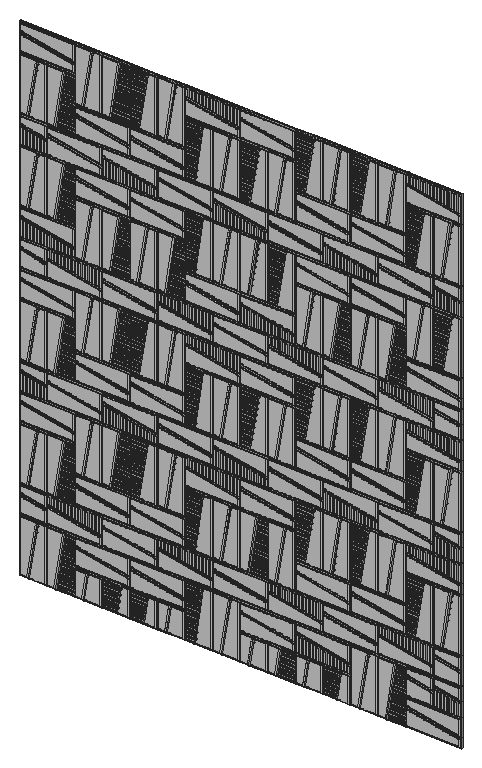
Revit family "SUR-CRV-023_RFA", category Modelos genéricos, Revit 2022 (continued)
Definition of nested family "SUR-CRV-023_B_3_RFA"
  Forms (in)
    Blend 59, solid, not visible
      base sketch origin (7.5, 0, 0) x (1, 0, 0) y (0, 0, 1)
        loop
          line (0, 0) -> (0.75, 0) -> (0.75, 2.625) -> (0, 2.75) -> (0, 0)
      top sketch origin (7.5, 0, 0) x (1, 0, 0) y (0, 0, 1)
        loop
          line (0.23622, 2.47441) -> (0.23622, 0.23622) -> (0.51378, 0.23622) -> (0.51378, 2.42815) -> (0.23622, 2.47441)
      from -0.35433 to -0.11811
    Blend 60, solid, not visible
      base sketch origin (7.5, 0, 0) x (1, 0, 0) y (0, 0, 1)
        loop
          line (0.23622, 2.47441) -> (0.23622, 0.23622) -> (0.51378, 0.23622) -> (0.51378, 2.42815) -> (0.23622, 2.47441)
      top sketch origin (7.5, 0, 0) x (1, 0, 0) y (0, 0, 1)
        loop
          line (0.35433, 2.33661) -> (0.35433, 0.35433) -> (0.39567, 0.35433) -> (0.39567, 2.32972) -> (0.35433, 2.33661)
      from -0.11811 to 0
    Blend 61, solid, not visible
      base sketch origin (8.25, 0, 0) x (1, 0, 0) y (0, 0, 1)
        loop
          line (0, 0) -> (0.75, 0) -> (0.75, 2.5) -> (0, 2.625) -> (0, 0)
      top sketch origin (8.25, 0, 0) x (1, 0, 0) y (0, 0, 1)
        loop
          line (0.23622, 2.34941) -> (0.23622, 0.23622) -> (0.51378, 0.23622) -> (0.51378, 2.30315) -> (0.23622, 2.34941)
      from -0.35433 to -0.11811
    Blend 62, solid, not visible
      base sketch origin (8.25, 0, 0) x (1, 0, 0) y (0, 0, 1)
        loop
          line (0.23622, 2.34941) -> (0.23622, 0.23622) -> (0.51378, 0.23622) -> (0.51378, 2.30315) -> (0.23622, 2.34941)
      top sketch origin (8.25, 0, 0) x (1, 0, 0) y (0, 0, 1)
        loop
          line (0.35433, 2.21161) -> (0.35433, 0.35433) -> (0.39567, 0.35433) -> (0.39567, 2.20472) -> (0.35433, 2.21161)
      from -0.11811 to 0
    Blend 63, solid, not visible
      base sketch origin (9, 0, 0) x (1, 0, 0) y (0, 0, 1)
        loop
          line (0, 0) -> (0.75, 0) -> (0.75, 2.375) -> (0, 2.5) -> (0, 0)
      top sketch origin (9, 0, 0) x (1, 0, 0) y (0, 0, 1)
        loop
          line (0.23622, 2.22441) -> (0.23622, 0.23622) -> (0.51378, 0.23622) -> (0.51378, 2.17815) -> (0.23622, 2.22441)
      from -0.35433 to -0.11811
    Blend 64, solid, not visible
      base sketch origin (9, 0, 0) x (1, 0, 0) y (0, 0, 1)
        loop
          line (0.23622, 2.22441) -> (0.23622, 0.23622) -> (0.51378, 0.23622) -> (0.51378, 2.17815) -> (0.23622, 2.22441)
      top sketch origin (9, 0, 0) x (1, 0, 0) y (0, 0, 1)
        loop
          line (0.35433, 2.08661) -> (0.35433, 0.35433) -> (0.39567, 0.35433) -> (0.39567, 2.07972) -> (0.35433, 2.08661)
      from -0.11811 to 0
    Blend 65, solid, not visible
      base sketch origin (9.75, 0, 0) x (1, 0, 0) y (0, 0, 1)
        loop
          line (0, 0) -> (0.75, 0) -> (0.75, 2.25) -> (0, 2.375) -> (0, 0)
      top sketch origin (9.75, 0, 0) x (1, 0, 0) y (0, 0, 1)
        loop
          line (0.23622, 2.09941) -> (0.23622, 0.23622) -> (0.51378, 0.23622) -> (0.51378, 2.05315) -> (0.23622, 2.09941)
      from -0.35433 to -0.11811
    Blend 66, solid, not visible
      base sketch origin (9.75, 0, 0) x (1, 0, 0) y (0, 0, 1)
        loop
          line (0.23622, 2.09941) -> (0.23622, 0.23622) -> (0.51378, 0.23622) -> (0.51378, 2.05315) -> (0.23622, 2.09941)
      top sketch origin (9.75, 0, 0) x (1, 0, 0) y (0, 0, 1)
        loop
          line (0.35433, 1.96161) -> (0.35433, 0.35433) -> (0.39567, 0.35433) -> (0.39567, 1.95472) -> (0.35433, 1.96161)
      from -0.11811 to 0
    Blend 67, solid, not visible
      base sketch origin (10.5, 0, 0) x (1, 0, 0) y (0, 0, 1)
        loop
          line (0, 0) -> (0.75, 0) -> (0.75, 2.125) -> (0, 2.25) -> (0, 0)
      top sketch origin (10.5, 0, 0) x (1, 0, 0) y (0, 0, 1)
        loop
          line (0.23622, 1.97441) -> (0.23622, 0.23622) -> (0.51378, 0.23622) -> (0.51378, 1.92815) -> (0.23622, 1.97441)
      from -0.35433 to -0.11811
    Blend 68, solid, not visible
      base sketch origin (10.5, 0, 0) x (1, 0, 0) y (0, 0, 1)
        loop
          line (0.23622, 1.97441) -> (0.23622, 0.23622) -> (0.51378, 0.23622) -> (0.51378, 1.92815) -> (0.23622, 1.97441)
      top sketch origin (10.5, 0, 0) x (1, 0, 0) y (0, 0, 1)
        loop
          line (0.35433, 1.83661) -> (0.35433, 0.35433) -> (0.39567, 0.35433) -> (0.39567, 1.82972) -> (0.35433, 1.83661)
      from -0.11811 to 0
    Blend 69, solid, not visible
      base sketch origin (11.25, 0, 0) x (1, 0, 0) y (0, 0, 1)
        loop
          line (0, 0) -> (0.75, 0) -> (0.75, 2) -> (0, 2.125) -> (0, 0)
      top sketch origin (11.25, 0, 0) x (1, 0, 0) y (0, 0, 1)
        loop
          line (0.23622, 1.84941) -> (0.23622, 0.23622) -> (0.51378, 0.23622) -> (0.51378, 1.80315) -> (0.23622, 1.84941)
      from -0.35433 to -0.11811
    Blend 70, solid, not visible
      base sketch origin (11.25, 0, 0) x (1, 0, 0) y (0, 0, 1)
        loop
          line (0.23622, 1.84941) -> (0.23622, 0.23622) -> (0.51378, 0.23622) -> (0.51378, 1.80315) -> (0.23622, 1.84941)
      top sketch origin (11.25, 0, 0) x (1, 0, 0) y (0, 0, 1)
        loop
          line (0.35433, 1.71161) -> (0.35433, 0.35433) -> (0.39567, 0.35433) -> (0.39567, 1.70472) -> (0.35433, 1.71161)
      from -0.11811 to 0
  Dimensions and locks (in)
    aligned and locked: level to plane 2
Definition of nested family "SUR-CRV-023_B_4_RFA"
  Parameters (values of type "SUR-CRV-023_B_4_RFA")
    Default Elevation = 0.00"
  Reference planes (in)
    plane 1 "Centro (Frontal/Posterior)": y = 0
    plane 2: z = 0
    plane 3 "Centro (Izquierda/Derecha)": x = 0
  Forms (in)
    Extrusion 1, solid
      sketch origin (0, 0, 12) x (0, 0, -1) y (1, 0, 0)
        loop
          line (0, 6) -> (0, 0) -> (12, 0) -> (12, 6) -> (0, 6)
      from -0.59055 to -0.35433
    Blend 2, solid
      base sketch origin (0, 0, 12) x (0, 0, -1) y (1, 0, 0)
        loop
          line (0, 0) -> (0.75, 0) -> (0.75, 3.875) -> (0, 4) -> (0, 0)
      top sketch origin (0, 0, 12) x (0, 0, -1) y (1, 0, 0)
        loop
          line (0.23622, 3.72441) -> (0.23622, 0.23622) -> (0.51378, 0.23622) -> (0.51378, 3.67815) -> (0.23622, 3.72441)
      from -0.35433 to -0.11811
    Blend 3, solid
      base sketch origin (0, 0, 12) x (0, 0, -1) y (1, 0, 0)
        loop
          line (0.23622, 3.72441) -> (0.23622, 0.23622) -> (0.51378, 0.23622) -> (0.51378, 3.67815) -> (0.23622, 3.72441)
      top sketch origin (0, 0, 12) x (0, 0, -1) y (1, 0, 0)
        loop
          line (0.35433, 3.58661) -> (0.35433, 0.35433) -> (0.39567, 0.35433) -> (0.39567, 3.57972) -> (0.35433, 3.58661)
      from -0.11811 to 0
    Blend 4, solid
      base sketch origin (0, 0, 12) x (0, 0, -1) y (1, 0, 0)
        loop
          line (0, 4) -> (12, 2) -> (12, 6) -> (0, 6) -> (0, 4)
      top sketch origin (0, 0, 12) x (0, 0, -1) y (1, 0, 0)
        loop
          line (11.76378, 5.76378) -> (0.23622, 5.76378) -> (0.23622, 4.19685) -> (11.76378, 2.27559) -> (11.76378, 5.76378)
      from -0.35433 to -0.11811
    Blend 5, solid
      base sketch origin (0, 0, 12) x (0, 0, -1) y (1, 0, 0)
        loop
          line (11.76378, 5.76378) -> (0.23622, 5.76378) -> (0.23622, 4.19685) -> (11.76378, 2.27559) -> (11.76378, 5.76378)
      top sketch origin (0, 0, 12) x (0, 0, -1) y (1, 0, 0)
        loop
          line (11.64567, 2.41339) -> (11.64567, 5.64567) -> (0.35433, 5.64567) -> (0.35433, 4.29528) -> (11.64567, 2.41339)
      from -0.11811 to 0
    Blend 6, solid
      base sketch origin (0, 0, 11.25) x (0, 0, -1) y (1, 0, 0)
        loop
          line (0, 0) -> (0.75, 0) -> (0.75, 3.75) -> (0, 3.875) -> (0, 0)
      top sketch origin (0, 0, 11.25) x (0, 0, -1) y (1, 0, 0)
        loop
          line (0.23622, 3.59941) -> (0.23622, 0.23622) -> (0.51378, 0.23622) -> (0.51378, 3.55315) -> (0.23622, 3.59941)
      from -0.35433 to -0.11811
    Blend 7, solid
      base sketch origin (0, 0, 11.25) x (0, 0, -1) y (1, 0, 0)
        loop
          line (0.23622, 3.59941) -> (0.23622, 0.23622) -> (0.51378, 0.23622) -> (0.51378, 3.55315) -> (0.23622, 3.59941)
      top sketch origin (0, 0, 11.25) x (0, 0, -1) y (1, 0, 0)
        loop
          line (0.35433, 3.46161) -> (0.35433, 0.35433) -> (0.39567, 0.35433) -> (0.39567, 3.45472) -> (0.35433, 3.46161)
      from -0.11811 to 0
    Blend 8, solid
      base sketch origin (0, 0, 10.5) x (0, 0, -1) y (1, 0, 0)
        loop
          line (0, 0) -> (0.75, 0) -> (0.75, 3.625) -> (0, 3.75) -> (0, 0)
      top sketch origin (0, 0, 10.5) x (0, 0, -1) y (1, 0, 0)
        loop
          line (0.23622, 3.47441) -> (0.23622, 0.23622) -> (0.51378, 0.23622) -> (0.51378, 3.42815) -> (0.23622, 3.47441)
      from -0.35433 to -0.11811
    Blend 9, solid
      base sketch origin (0, 0, 10.5) x (0, 0, -1) y (1, 0, 0)
        loop
          line (0.23622, 3.47441) -> (0.23622, 0.23622) -> (0.51378, 0.23622) -> (0.51378, 3.42815) -> (0.23622, 3.47441)
      top sketch origin (0, 0, 10.5) x (0, 0, -1) y (1, 0, 0)
        loop
          line (0.35433, 3.33661) -> (0.35433, 0.35433) -> (0.39567, 0.35433) -> (0.39567, 3.32972) -> (0.35433, 3.33661)
      from -0.11811 to 0
    Blend 10, solid
      base sketch origin (0, 0, 9.75) x (0, 0, -1) y (1, 0, 0)
        loop
          line (0, 0) -> (0.75, 0) -> (0.75, 3.5) -> (0, 3.625) -> (0, 0)
      top sketch origin (0, 0, 9.75) x (0, 0, -1) y (1, 0, 0)
        loop
          line (0.23622, 3.34941) -> (0.23622, 0.23622) -> (0.51378, 0.23622) -> (0.51378, 3.30315) -> (0.23622, 3.34941)
      from -0.35433 to -0.11811
    Blend 11, solid
      base sketch origin (0, 0, 9.75) x (0, 0, -1) y (1, 0, 0)
        loop
          line (0.23622, 3.34941) -> (0.23622, 0.23622) -> (0.51378, 0.23622) -> (0.51378, 3.30315) -> (0.23622, 3.34941)
      top sketch origin (0, 0, 9.75) x (0, 0, -1) y (1, 0, 0)
        loop
          line (0.35433, 3.21161) -> (0.35433, 0.35433) -> (0.39567, 0.35433) -> (0.39567, 3.20472) -> (0.35433, 3.21161)
      from -0.11811 to 0
    Blend 12, solid
      base sketch origin (0, 0, 9) x (0, 0, -1) y (1, 0, 0)
        loop
          line (0, 0) -> (0.75, 0) -> (0.75, 3.375) -> (0, 3.5) -> (0, 0)
      top sketch origin (0, 0, 9) x (0, 0, -1) y (1, 0, 0)
        loop
          line (0.23622, 3.22441) -> (0.23622, 0.23622) -> (0.51378, 0.23622) -> (0.51378, 3.17815) -> (0.23622, 3.22441)
      from -0.35433 to -0.11811
    Blend 13, solid
      base sketch origin (0, 0, 9) x (0, 0, -1) y (1, 0, 0)
        loop
          line (0.23622, 3.22441) -> (0.23622, 0.23622) -> (0.51378, 0.23622) -> (0.51378, 3.17815) -> (0.23622, 3.22441)
      top sketch origin (0, 0, 9) x (0, 0, -1) y (1, 0, 0)
        loop
          line (0.35433, 3.08661) -> (0.35433, 0.35433) -> (0.39567, 0.35433) -> (0.39567, 3.07972) -> (0.35433, 3.08661)
      from -0.11811 to 0
    Blend 14, solid
      base sketch origin (0, 0, 8.25) x (0, 0, -1) y (1, 0, 0)
        loop
          line (0, 0) -> (0.75, 0) -> (0.75, 3.25) -> (0, 3.375) -> (0, 0)
      top sketch origin (0, 0, 8.25) x (0, 0, -1) y (1, 0, 0)
        loop
          line (0.23622, 3.09941) -> (0.23622, 0.23622) -> (0.51378, 0.23622) -> (0.51378, 3.05315) -> (0.23622, 3.09941)
      from -0.35433 to -0.11811
    Blend 15, solid
      base sketch origin (0, 0, 8.25) x (0, 0, -1) y (1, 0, 0)
        loop
          line (0.23622, 3.09941) -> (0.23622, 0.23622) -> (0.51378, 0.23622) -> (0.51378, 3.05315) -> (0.23622, 3.09941)
      top sketch origin (0, 0, 8.25) x (0, 0, -1) y (1, 0, 0)
        loop
          line (0.35433, 2.96161) -> (0.35433, 0.35433) -> (0.39567, 0.35433) -> (0.39567, 2.95472) -> (0.35433, 2.96161)
      from -0.11811 to 0
    Blend 16, solid
      base sketch origin (0, 0, 7.5) x (0, 0, -1) y (1, 0, 0)
        loop
          line (0, 0) -> (0.75, 0) -> (0.75, 3.125) -> (0, 3.25) -> (0, 0)
      top sketch origin (0, 0, 7.5) x (0, 0, -1) y (1, 0, 0)
        loop
          line (0.23622, 2.97441) -> (0.23622, 0.23622) -> (0.51378, 0.23622) -> (0.51378, 2.92815) -> (0.23622, 2.97441)
      from -0.35433 to -0.11811
    Blend 17, solid
      base sketch origin (0, 0, 7.5) x (0, 0, -1) y (1, 0, 0)
        loop
          line (0.23622, 2.97441) -> (0.23622, 0.23622) -> (0.51378, 0.23622) -> (0.51378, 2.92815) -> (0.23622, 2.97441)
      top sketch origin (0, 0, 7.5) x (0, 0, -1) y (1, 0, 0)
        loop
          line (0.35433, 2.83661) -> (0.35433, 0.35433) -> (0.39567, 0.35433) -> (0.39567, 2.82972) -> (0.35433, 2.83661)
      from -0.11811 to 0
    Blend 18, solid
      base sketch origin (0, 0, 6.75) x (0, 0, -1) y (1, 0, 0)
        loop
          line (0, 0) -> (0.75, 0) -> (0.75, 3) -> (0, 3.125) -> (0, 0)
      top sketch origin (0, 0, 6.75) x (0, 0, -1) y (1, 0, 0)
        loop
          line (0.23622, 2.84941) -> (0.23622, 0.23622) -> (0.51378, 0.23622) -> (0.51378, 2.80315) -> (0.23622, 2.84941)
      from -0.35433 to -0.11811
    Blend 19, solid
      base sketch origin (0, 0, 6.75) x (0, 0, -1) y (1, 0, 0)
        loop
          line (0.23622, 2.84941) -> (0.23622, 0.23622) -> (0.51378, 0.23622) -> (0.51378, 2.80315) -> (0.23622, 2.84941)
      top sketch origin (0, 0, 6.75) x (0, 0, -1) y (1, 0, 0)
        loop
          line (0.35433, 2.71161) -> (0.35433, 0.35433) -> (0.39567, 0.35433) -> (0.39567, 2.70472) -> (0.35433, 2.71161)
      from -0.11811 to 0
    Blend 20, solid
      base sketch origin (0, 0, 6) x (0, 0, -1) y (1, 0, 0)
        loop
          line (0, 0) -> (0.75, 0) -> (0.75, 2.875) -> (0, 3) -> (0, 0)
      top sketch origin (0, 0, 6) x (0, 0, -1) y (1, 0, 0)
        loop
          line (0.23622, 2.72441) -> (0.23622, 0.23622) -> (0.51378, 0.23622) -> (0.51378, 2.67815) -> (0.23622, 2.72441)
      from -0.35433 to -0.11811
    Blend 21, solid
      base sketch origin (0, 0, 6) x (0, 0, -1) y (1, 0, 0)
        loop
          line (0.23622, 2.72441) -> (0.23622, 0.23622) -> (0.51378, 0.23622) -> (0.51378, 2.67815) -> (0.23622, 2.72441)
      top sketch origin (0, 0, 6) x (0, 0, -1) y (1, 0, 0)
        loop
          line (0.35433, 2.58661) -> (0.35433, 0.35433) -> (0.39567, 0.35433) -> (0.39567, 2.57972) -> (0.35433, 2.58661)
      from -0.11811 to 0
    Blend 22, solid
      base sketch origin (0, 0, 5.25) x (0, 0, -1) y (1, 0, 0)
        loop
          line (0, 0) -> (0.75, 0) -> (0.75, 2.75) -> (0, 2.875) -> (0, 0)
      top sketch origin (0, 0, 5.25) x (0, 0, -1) y (1, 0, 0)
        loop
          line (0.23622, 2.59941) -> (0.23622, 0.23622) -> (0.51378, 0.23622) -> (0.51378, 2.55315) -> (0.23622, 2.59941)
      from -0.35433 to -0.11811
    Blend 23, solid
      base sketch origin (0, 0, 5.25) x (0, 0, -1) y (1, 0, 0)
        loop
          line (0.23622, 2.59941) -> (0.23622, 0.23622) -> (0.51378, 0.23622) -> (0.51378, 2.55315) -> (0.23622, 2.59941)
      top sketch origin (0, 0, 5.25) x (0, 0, -1) y (1, 0, 0)
        loop
          line (0.35433, 2.46161) -> (0.35433, 0.35433) -> (0.39567, 0.35433) -> (0.39567, 2.45472) -> (0.35433, 2.46161)
      from -0.11811 to 0
    Blend 24, solid
      base sketch origin (0, 0, 4.5) x (0, 0, -1) y (1, 0, 0)
        loop
          line (0, 0) -> (0.75, 0) -> (0.75, 2.625) -> (0, 2.75) -> (0, 0)
      top sketch origin (0, 0, 4.5) x (0, 0, -1) y (1, 0, 0)
        loop
          line (0.23622, 2.47441) -> (0.23622, 0.23622) -> (0.51378, 0.23622) -> (0.51378, 2.42815) -> (0.23622, 2.47441)
      from -0.35433 to -0.11811
    Blend 25, solid
      base sketch origin (0, 0, 4.5) x (0, 0, -1) y (1, 0, 0)
        loop
          line (0.23622, 2.47441) -> (0.23622, 0.23622) -> (0.51378, 0.23622) -> (0.51378, 2.42815) -> (0.23622, 2.47441)
      top sketch origin (0, 0, 4.5) x (0, 0, -1) y (1, 0, 0)
        loop
          line (0.35433, 2.33661) -> (0.35433, 0.35433) -> (0.39567, 0.35433) -> (0.39567, 2.32972) -> (0.35433, 2.33661)
      from -0.11811 to 0
    Blend 26, solid
      base sketch origin (0, 0, 3.75) x (0, 0, -1) y (1, 0, 0)
        loop
          line (0, 0) -> (0.75, 0) -> (0.75, 2.5) -> (0, 2.625) -> (0, 0)
      top sketch origin (0, 0, 3.75) x (0, 0, -1) y (1, 0, 0)
        loop
          line (0.23622, 2.34941) -> (0.23622, 0.23622) -> (0.51378, 0.23622) -> (0.51378, 2.30315) -> (0.23622, 2.34941)
      from -0.35433 to -0.11811
    Blend 27, solid
      base sketch origin (0, 0, 3.75) x (0, 0, -1) y (1, 0, 0)
        loop
          line (0.23622, 2.34941) -> (0.23622, 0.23622) -> (0.51378, 0.23622) -> (0.51378, 2.30315) -> (0.23622, 2.34941)
      top sketch origin (0, 0, 3.75) x (0, 0, -1) y (1, 0, 0)
        loop
          line (0.35433, 2.21161) -> (0.35433, 0.35433) -> (0.39567, 0.35433) -> (0.39567, 2.20472) -> (0.35433, 2.21161)
      from -0.11811 to 0
    Blend 28, solid
      base sketch origin (0, 0, 3) x (0, 0, -1) y (1, 0, 0)
        loop
          line (0, 0) -> (0.75, 0) -> (0.75, 2.375) -> (0, 2.5) -> (0, 0)
      top sketch origin (0, 0, 3) x (0, 0, -1) y (1, 0, 0)
        loop
          line (0.23622, 2.22441) -> (0.23622, 0.23622) -> (0.51378, 0.23622) -> (0.51378, 2.17815) -> (0.23622, 2.22441)
      from -0.35433 to -0.11811
    Blend 29, solid
      base sketch origin (0, 0, 3) x (0, 0, -1) y (1, 0, 0)
        loop
          line (0.23622, 2.22441) -> (0.23622, 0.23622) -> (0.51378, 0.23622) -> (0.51378, 2.17815) -> (0.23622, 2.22441)
      top sketch origin (0, 0, 3) x (0, 0, -1) y (1, 0, 0)
        loop
          line (0.35433, 2.08661) -> (0.35433, 0.35433) -> (0.39567, 0.35433) -> (0.39567, 2.07972) -> (0.35433, 2.08661)
      from -0.11811 to 0
    Blend 30, solid
      base sketch origin (0, 0, 2.25) x (0, 0, -1) y (1, 0, 0)
        loop
          line (0, 0) -> (0.75, 0) -> (0.75, 2.25) -> (0, 2.375) -> (0, 0)
      top sketch origin (0, 0, 2.25) x (0, 0, -1) y (1, 0, 0)
        loop
          line (0.23622, 2.09941) -> (0.23622, 0.23622) -> (0.51378, 0.23622) -> (0.51378, 2.05315) -> (0.23622, 2.09941)
      from -0.35433 to -0.11811
    Blend 31, solid
      base sketch origin (0, 0, 2.25) x (0, 0, -1) y (1, 0, 0)
        loop
          line (0.23622, 2.09941) -> (0.23622, 0.23622) -> (0.51378, 0.23622) -> (0.51378, 2.05315) -> (0.23622, 2.09941)
      top sketch origin (0, 0, 2.25) x (0, 0, -1) y (1, 0, 0)
        loop
          line (0.35433, 1.96161) -> (0.35433, 0.35433) -> (0.39567, 0.35433) -> (0.39567, 1.95472) -> (0.35433, 1.96161)
      from -0.11811 to 0
    Blend 32, solid
      base sketch origin (0, 0, 1.5) x (0, 0, -1) y (1, 0, 0)
        loop
          line (0, 0) -> (0.75, 0) -> (0.75, 2.125) -> (0, 2.25) -> (0, 0)
      top sketch origin (0, 0, 1.5) x (0, 0, -1) y (1, 0, 0)
        loop
          line (0.23622, 1.97441) -> (0.23622, 0.23622) -> (0.51378, 0.23622) -> (0.51378, 1.92815) -> (0.23622, 1.97441)
      from -0.35433 to -0.11811
    Blend 33, solid
      base sketch origin (0, 0, 1.5) x (0, 0, -1) y (1, 0, 0)
        loop
          line (0.23622, 1.97441) -> (0.23622, 0.23622) -> (0.51378, 0.23622) -> (0.51378, 1.92815) -> (0.23622, 1.97441)
      top sketch origin (0, 0, 1.5) x (0, 0, -1) y (1, 0, 0)
        loop
          line (0.35433, 1.83661) -> (0.35433, 0.35433) -> (0.39567, 0.35433) -> (0.39567, 1.82972) -> (0.35433, 1.83661)
      from -0.11811 to 0
    Blend 34, solid
      base sketch origin (0, 0, 0.75) x (0, 0, -1) y (1, 0, 0)
        loop
          line (0, 0) -> (0.75, 0) -> (0.75, 2) -> (0, 2.125) -> (0, 0)
      top sketch origin (0, 0, 0.75) x (0, 0, -1) y (1, 0, 0)
        loop
          line (0.23622, 1.84941) -> (0.23622, 0.23622) -> (0.51378, 0.23622) -> (0.51378, 1.80315) -> (0.23622, 1.84941)
      from -0.35433 to -0.11811
    Blend 35, solid
      base sketch origin (0, 0, 0.75) x (0, 0, -1) y (1, 0, 0)
        loop
          line (0.23622, 1.84941) -> (0.23622, 0.23622) -> (0.51378, 0.23622) -> (0.51378, 1.80315) -> (0.23622, 1.84941)
      top sketch origin (0, 0, 0.75) x (0, 0, -1) y (1, 0, 0)
        loop
          line (0.35433, 1.71161) -> (0.35433, 0.35433) -> (0.39567, 0.35433) -> (0.39567, 1.70472) -> (0.35433, 1.71161)
      from -0.11811 to 0
    Extrusion 36, solid, not visible
      sketch origin (0, 0, 0) x (1, 0, 0) y (0, 0, 1)
        loop
          line (0, 6) -> (0, 0) -> (12, 0) -> (12, 6) -> (0, 6)
      from -0.59055 to -0.35433
    Blend 37, solid, not visible
      base sketch origin (0, 0, 0) x (1, 0, 0) y (0, 0, 1)
        loop
          line (0, 0) -> (0.75, 0) -> (0.75, 3.875) -> (0, 4) -> (0, 0)
      top sketch origin (0, 0, 0) x (1, 0, 0) y (0, 0, 1)
        loop
          line (0.23622, 3.72441) -> (0.23622, 0.23622) -> (0.51378, 0.23622) -> (0.51378, 3.67815) -> (0.23622, 3.72441)
      from -0.35433 to -0.11811
    Blend 38, solid, not visible
      base sketch origin (0, 0, 0) x (1, 0, 0) y (0, 0, 1)
        loop
          line (0.23622, 3.72441) -> (0.23622, 0.23622) -> (0.51378, 0.23622) -> (0.51378, 3.67815) -> (0.23622, 3.72441)
      top sketch origin (0, 0, 0) x (1, 0, 0) y (0, 0, 1)
        loop
          line (0.35433, 3.58661) -> (0.35433, 0.35433) -> (0.39567, 0.35433) -> (0.39567, 3.57972) -> (0.35433, 3.58661)
      from -0.11811 to 0
    Blend 39, solid, not visible
      base sketch origin (0, 0, 0) x (1, 0, 0) y (0, 0, 1)
        loop
          line (0, 4) -> (12, 2) -> (12, 6) -> (0, 6) -> (0, 4)
      top sketch origin (0, 0, 0) x (1, 0, 0) y (0, 0, 1)
        loop
          line (11.76378, 5.76378) -> (0.23622, 5.76378) -> (0.23622, 4.19685) -> (11.76378, 2.27559) -> (11.76378, 5.76378)
      from -0.35433 to -0.11811
    Blend 40, solid, not visible
      base sketch origin (0, 0, 0) x (1, 0, 0) y (0, 0, 1)
        loop
          line (11.76378, 5.76378) -> (0.23622, 5.76378) -> (0.23622, 4.19685) -> (11.76378, 2.27559) -> (11.76378, 5.76378)
      top sketch origin (0, 0, 0) x (1, 0, 0) y (0, 0, 1)
        loop
          line (11.64567, 2.41339) -> (11.64567, 5.64567) -> (0.35433, 5.64567) -> (0.35433, 4.29528) -> (11.64567, 2.41339)
      from -0.11811 to 0
    Blend 41, solid, not visible
      base sketch origin (0.75, 0, 0) x (1, 0, 0) y (0, 0, 1)
        loop
          line (0, 0) -> (0.75, 0) -> (0.75, 3.75) -> (0, 3.875) -> (0, 0)
      top sketch origin (0.75, 0, 0) x (1, 0, 0) y (0, 0, 1)
        loop
          line (0.23622, 3.59941) -> (0.23622, 0.23622) -> (0.51378, 0.23622) -> (0.51378, 3.55315) -> (0.23622, 3.59941)
      from -0.35433 to -0.11811
    Blend 42, solid, not visible
      base sketch origin (0.75, 0, 0) x (1, 0, 0) y (0, 0, 1)
        loop
          line (0.23622, 3.59941) -> (0.23622, 0.23622) -> (0.51378, 0.23622) -> (0.51378, 3.55315) -> (0.23622, 3.59941)
      top sketch origin (0.75, 0, 0) x (1, 0, 0) y (0, 0, 1)
        loop
          line (0.35433, 3.46161) -> (0.35433, 0.35433) -> (0.39567, 0.35433) -> (0.39567, 3.45472) -> (0.35433, 3.46161)
      from -0.11811 to 0
    Blend 43, solid, not visible
      base sketch origin (1.5, 0, 0) x (1, 0, 0) y (0, 0, 1)
        loop
          line (0, 0) -> (0.75, 0) -> (0.75, 3.625) -> (0, 3.75) -> (0, 0)
      top sketch origin (1.5, 0, 0) x (1, 0, 0) y (0, 0, 1)
        loop
          line (0.23622, 3.47441) -> (0.23622, 0.23622) -> (0.51378, 0.23622) -> (0.51378, 3.42815) -> (0.23622, 3.47441)
      from -0.35433 to -0.11811
    Blend 44, solid, not visible
      base sketch origin (1.5, 0, 0) x (1, 0, 0) y (0, 0, 1)
        loop
          line (0.23622, 3.47441) -> (0.23622, 0.23622) -> (0.51378, 0.23622) -> (0.51378, 3.42815) -> (0.23622, 3.47441)
      top sketch origin (1.5, 0, 0) x (1, 0, 0) y (0, 0, 1)
        loop
          line (0.35433, 3.33661) -> (0.35433, 0.35433) -> (0.39567, 0.35433) -> (0.39567, 3.32972) -> (0.35433, 3.33661)
      from -0.11811 to 0
    Blend 45, solid, not visible
      base sketch origin (2.25, 0, 0) x (1, 0, 0) y (0, 0, 1)
        loop
          line (0, 0) -> (0.75, 0) -> (0.75, 3.5) -> (0, 3.625) -> (0, 0)
      top sketch origin (2.25, 0, 0) x (1, 0, 0) y (0, 0, 1)
        loop
          line (0.23622, 3.34941) -> (0.23622, 0.23622) -> (0.51378, 0.23622) -> (0.51378, 3.30315) -> (0.23622, 3.34941)
      from -0.35433 to -0.11811
    Blend 46, solid, not visible
      base sketch origin (2.25, 0, 0) x (1, 0, 0) y (0, 0, 1)
        loop
          line (0.23622, 3.34941) -> (0.23622, 0.23622) -> (0.51378, 0.23622) -> (0.51378, 3.30315) -> (0.23622, 3.34941)
      top sketch origin (2.25, 0, 0) x (1, 0, 0) y (0, 0, 1)
        loop
          line (0.35433, 3.21161) -> (0.35433, 0.35433) -> (0.39567, 0.35433) -> (0.39567, 3.20472) -> (0.35433, 3.21161)
      from -0.11811 to 0
    Blend 47, solid, not visible
      base sketch origin (3, 0, 0) x (1, 0, 0) y (0, 0, 1)
        loop
          line (0, 0) -> (0.75, 0) -> (0.75, 3.375) -> (0, 3.5) -> (0, 0)
      top sketch origin (3, 0, 0) x (1, 0, 0) y (0, 0, 1)
        loop
          line (0.23622, 3.22441) -> (0.23622, 0.23622) -> (0.51378, 0.23622) -> (0.51378, 3.17815) -> (0.23622, 3.22441)
      from -0.35433 to -0.11811
    Blend 48, solid, not visible
      base sketch origin (3, 0, 0) x (1, 0, 0) y (0, 0, 1)
        loop
          line (0.23622, 3.22441) -> (0.23622, 0.23622) -> (0.51378, 0.23622) -> (0.51378, 3.17815) -> (0.23622, 3.22441)
      top sketch origin (3, 0, 0) x (1, 0, 0) y (0, 0, 1)
        loop
          line (0.35433, 3.08661) -> (0.35433, 0.35433) -> (0.39567, 0.35433) -> (0.39567, 3.07972) -> (0.35433, 3.08661)
      from -0.11811 to 0
    Blend 49, solid, not visible
      base sketch origin (3.75, 0, 0) x (1, 0, 0) y (0, 0, 1)
        loop
          line (0, 0) -> (0.75, 0) -> (0.75, 3.25) -> (0, 3.375) -> (0, 0)
      top sketch origin (3.75, 0, 0) x (1, 0, 0) y (0, 0, 1)
        loop
          line (0.23622, 3.09941) -> (0.23622, 0.23622) -> (0.51378, 0.23622) -> (0.51378, 3.05315) -> (0.23622, 3.09941)
      from -0.35433 to -0.11811
    Blend 50, solid, not visible
      base sketch origin (3.75, 0, 0) x (1, 0, 0) y (0, 0, 1)
        loop
          line (0.23622, 3.09941) -> (0.23622, 0.23622) -> (0.51378, 0.23622) -> (0.51378, 3.05315) -> (0.23622, 3.09941)
      top sketch origin (3.75, 0, 0) x (1, 0, 0) y (0, 0, 1)
        loop
          line (0.35433, 2.96161) -> (0.35433, 0.35433) -> (0.39567, 0.35433) -> (0.39567, 2.95472) -> (0.35433, 2.96161)
      from -0.11811 to 0
    Blend 51, solid, not visible
      base sketch origin (4.5, 0, 0) x (1, 0, 0) y (0, 0, 1)
        loop
          line (0, 0) -> (0.75, 0) -> (0.75, 3.125) -> (0, 3.25) -> (0, 0)
      top sketch origin (4.5, 0, 0) x (1, 0, 0) y (0, 0, 1)
        loop
          line (0.23622, 2.97441) -> (0.23622, 0.23622) -> (0.51378, 0.23622) -> (0.51378, 2.92815) -> (0.23622, 2.97441)
      from -0.35433 to -0.11811
    Blend 52, solid, not visible
      base sketch origin (4.5, 0, 0) x (1, 0, 0) y (0, 0, 1)
        loop
          line (0.23622, 2.97441) -> (0.23622, 0.23622) -> (0.51378, 0.23622) -> (0.51378, 2.92815) -> (0.23622, 2.97441)
      top sketch origin (4.5, 0, 0) x (1, 0, 0) y (0, 0, 1)
        loop
          line (0.35433, 2.83661) -> (0.35433, 0.35433) -> (0.39567, 0.35433) -> (0.39567, 2.82972) -> (0.35433, 2.83661)
      from -0.11811 to 0
    Blend 53, solid, not visible
      base sketch origin (5.25, 0, 0) x (1, 0, 0) y (0, 0, 1)
        loop
          line (0, 0) -> (0.75, 0) -> (0.75, 3) -> (0, 3.125) -> (0, 0)
      top sketch origin (5.25, 0, 0) x (1, 0, 0) y (0, 0, 1)
        loop
          line (0.23622, 2.84941) -> (0.23622, 0.23622) -> (0.51378, 0.23622) -> (0.51378, 2.80315) -> (0.23622, 2.84941)
      from -0.35433 to -0.11811
    Blend 54, solid, not visible
      base sketch origin (5.25, 0, 0) x (1, 0, 0) y (0, 0, 1)
        loop
          line (0.23622, 2.84941) -> (0.23622, 0.23622) -> (0.51378, 0.23622) -> (0.51378, 2.80315) -> (0.23622, 2.84941)
      top sketch origin (5.25, 0, 0) x (1, 0, 0) y (0, 0, 1)
        loop
          line (0.35433, 2.71161) -> (0.35433, 0.35433) -> (0.39567, 0.35433) -> (0.39567, 2.70472) -> (0.35433, 2.71161)
      from -0.11811 to 0
    Blend 55, solid, not visible
      base sketch origin (6, 0, 0) x (1, 0, 0) y (0, 0, 1)
        loop
          line (0, 0) -> (0.75, 0) -> (0.75, 2.875) -> (0, 3) -> (0, 0)
      top sketch origin (6, 0, 0) x (1, 0, 0) y (0, 0, 1)
        loop
          line (0.23622, 2.72441) -> (0.23622, 0.23622) -> (0.51378, 0.23622) -> (0.51378, 2.67815) -> (0.23622, 2.72441)
      from -0.35433 to -0.11811
    Blend 56, solid, not visible
      base sketch origin (6, 0, 0) x (1, 0, 0) y (0, 0, 1)
        loop
          line (0.23622, 2.72441) -> (0.23622, 0.23622) -> (0.51378, 0.23622) -> (0.51378, 2.67815) -> (0.23622, 2.72441)
      top sketch origin (6, 0, 0) x (1, 0, 0) y (0, 0, 1)
        loop
          line (0.35433, 2.58661) -> (0.35433, 0.35433) -> (0.39567, 0.35433) -> (0.39567, 2.57972) -> (0.35433, 2.58661)
      from -0.11811 to 0
    Blend 57, solid, not visible
      base sketch origin (6.75, 0, 0) x (1, 0, 0) y (0, 0, 1)
        loop
          line (0, 0) -> (0.75, 0) -> (0.75, 2.75) -> (0, 2.875) -> (0, 0)
      top sketch origin (6.75, 0, 0) x (1, 0, 0) y (0, 0, 1)
        loop
          line (0.23622, 2.59941) -> (0.23622, 0.23622) -> (0.51378, 0.23622) -> (0.51378, 2.55315) -> (0.23622, 2.59941)
      from -0.35433 to -0.11811
    Blend 58, solid, not visible
      base sketch origin (6.75, 0, 0) x (1, 0, 0) y (0, 0, 1)
        loop
          line (0.23622, 2.59941) -> (0.23622, 0.23622) -> (0.51378, 0.23622) -> (0.51378, 2.55315) -> (0.23622, 2.59941)
      top sketch origin (6.75, 0, 0) x (1, 0, 0) y (0, 0, 1)
        loop
          line (0.35433, 2.46161) -> (0.35433, 0.35433) -> (0.39567, 0.35433) -> (0.39567, 2.45472) -> (0.35433, 2.46161)
      from -0.11811 to 0
    Blend 59, solid, not visible
      base sketch origin (7.5, 0, 0) x (1, 0, 0) y (0, 0, 1)
        loop
          line (0, 0) -> (0.75, 0) -> (0.75, 2.625) -> (0, 2.75) -> (0, 0)
      top sketch origin (7.5, 0, 0) x (1, 0, 0) y (0, 0, 1)
        loop
          line (0.23622, 2.47441) -> (0.23622, 0.23622) -> (0.51378, 0.23622) -> (0.51378, 2.42815) -> (0.23622, 2.47441)
      from -0.35433 to -0.11811
    Blend 60, solid, not visible
      base sketch origin (7.5, 0, 0) x (1, 0, 0) y (0, 0, 1)
        loop
          line (0.23622, 2.47441) -> (0.23622, 0.23622) -> (0.51378, 0.23622) -> (0.51378, 2.42815) -> (0.23622, 2.47441)
      top sketch origin (7.5, 0, 0) x (1, 0, 0) y (0, 0, 1)
        loop
          line (0.35433, 2.33661) -> (0.35433, 0.35433) -> (0.39567, 0.35433) -> (0.39567, 2.32972) -> (0.35433, 2.33661)
      from -0.11811 to 0
    Blend 61, solid, not visible
      base sketch origin (8.25, 0, 0) x (1, 0, 0) y (0, 0, 1)
        loop
          line (0, 0) -> (0.75, 0) -> (0.75, 2.5) -> (0, 2.625) -> (0, 0)
      top sketch origin (8.25, 0, 0) x (1, 0, 0) y (0, 0, 1)
        loop
          line (0.23622, 2.34941) -> (0.23622, 0.23622) -> (0.51378, 0.23622) -> (0.51378, 2.30315) -> (0.23622, 2.34941)
      from -0.35433 to -0.11811
    Blend 62, solid, not visible
      base sketch origin (8.25, 0, 0) x (1, 0, 0) y (0, 0, 1)
        loop
          line (0.23622, 2.34941) -> (0.23622, 0.23622) -> (0.51378, 0.23622) -> (0.51378, 2.30315) -> (0.23622, 2.34941)
      top sketch origin (8.25, 0, 0) x (1, 0, 0) y (0, 0, 1)
        loop
          line (0.35433, 2.21161) -> (0.35433, 0.35433) -> (0.39567, 0.35433) -> (0.39567, 2.20472) -> (0.35433, 2.21161)
      from -0.11811 to 0
    Blend 63, solid, not visible
      base sketch origin (9, 0, 0) x (1, 0, 0) y (0, 0, 1)
        loop
          line (0, 0) -> (0.75, 0) -> (0.75, 2.375) -> (0, 2.5) -> (0, 0)
      top sketch origin (9, 0, 0) x (1, 0, 0) y (0, 0, 1)
        loop
          line (0.23622, 2.22441) -> (0.23622, 0.23622) -> (0.51378, 0.23622) -> (0.51378, 2.17815) -> (0.23622, 2.22441)
      from -0.35433 to -0.11811
    Blend 64, solid, not visible
      base sketch origin (9, 0, 0) x (1, 0, 0) y (0, 0, 1)
        loop
          line (0.23622, 2.22441) -> (0.23622, 0.23622) -> (0.51378, 0.23622) -> (0.51378, 2.17815) -> (0.23622, 2.22441)
      top sketch origin (9, 0, 0) x (1, 0, 0) y (0, 0, 1)
        loop
          line (0.35433, 2.08661) -> (0.35433, 0.35433) -> (0.39567, 0.35433) -> (0.39567, 2.07972) -> (0.35433, 2.08661)
      from -0.11811 to 0
    Blend 65, solid, not visible
      base sketch origin (9.75, 0, 0) x (1, 0, 0) y (0, 0, 1)
        loop
          line (0, 0) -> (0.75, 0) -> (0.75, 2.25) -> (0, 2.375) -> (0, 0)
      top sketch origin (9.75, 0, 0) x (1, 0, 0) y (0, 0, 1)
        loop
          line (0.23622, 2.09941) -> (0.23622, 0.23622) -> (0.51378, 0.23622) -> (0.51378, 2.05315) -> (0.23622, 2.09941)
      from -0.35433 to -0.11811
    Blend 66, solid, not visible
      base sketch origin (9.75, 0, 0) x (1, 0, 0) y (0, 0, 1)
        loop
          line (0.23622, 2.09941) -> (0.23622, 0.23622) -> (0.51378, 0.23622) -> (0.51378, 2.05315) -> (0.23622, 2.09941)
      top sketch origin (9.75, 0, 0) x (1, 0, 0) y (0, 0, 1)
        loop
          line (0.35433, 1.96161) -> (0.35433, 0.35433) -> (0.39567, 0.35433) -> (0.39567, 1.95472) -> (0.35433, 1.96161)
      from -0.11811 to 0
    Blend 67, solid, not visible
      base sketch origin (10.5, 0, 0) x (1, 0, 0) y (0, 0, 1)
        loop
          line (0, 0) -> (0.75, 0) -> (0.75, 2.125) -> (0, 2.25) -> (0, 0)
      top sketch origin (10.5, 0, 0) x (1, 0, 0) y (0, 0, 1)
        loop
          line (0.23622, 1.97441) -> (0.23622, 0.23622) -> (0.51378, 0.23622) -> (0.51378, 1.92815) -> (0.23622, 1.97441)
      from -0.35433 to -0.11811
    Blend 68, solid, not visible
      base sketch origin (10.5, 0, 0) x (1, 0, 0) y (0, 0, 1)
        loop
          line (0.23622, 1.97441) -> (0.23622, 0.23622) -> (0.51378, 0.23622) -> (0.51378, 1.92815) -> (0.23622, 1.97441)
      top sketch origin (10.5, 0, 0) x (1, 0, 0) y (0, 0, 1)
        loop
          line (0.35433, 1.83661) -> (0.35433, 0.35433) -> (0.39567, 0.35433) -> (0.39567, 1.82972) -> (0.35433, 1.83661)
      from -0.11811 to 0
    Blend 69, solid, not visible
      base sketch origin (11.25, 0, 0) x (1, 0, 0) y (0, 0, 1)
        loop
          line (0, 0) -> (0.75, 0) -> (0.75, 2) -> (0, 2.125) -> (0, 0)
      top sketch origin (11.25, 0, 0) x (1, 0, 0) y (0, 0, 1)
        loop
          line (0.23622, 1.84941) -> (0.23622, 0.23622) -> (0.51378, 0.23622) -> (0.51378, 1.80315) -> (0.23622, 1.84941)
      from -0.35433 to -0.11811
    Blend 70, solid, not visible
      base sketch origin (11.25, 0, 0) x (1, 0, 0) y (0, 0, 1)
        loop
          line (0.23622, 1.84941) -> (0.23622, 0.23622) -> (0.51378, 0.23622) -> (0.51378, 1.80315) -> (0.23622, 1.84941)
      top sketch origin (11.25, 0, 0) x (1, 0, 0) y (0, 0, 1)
        loop
          line (0.35433, 1.71161) -> (0.35433, 0.35433) -> (0.39567, 0.35433) -> (0.39567, 1.70472) -> (0.35433, 1.71161)
      from -0.11811 to 0
  Dimensions and locks (in)
    aligned and locked: level to plane 2
Definition of nested family "SUR-CRV-023_D_3_RFA"
  Parameters (values of type "SUR-CRV-023_D_3_RFA")
    Default Elevation = 0.00"
  Reference planes (in)
    plane 1 "Centro (Frontal/Posterior)": y = 0
    plane 2: z = 0
    plane 3 "Centro (Izquierda/Derecha)": x = 0
  Forms (in)
    Extrusion 1, solid, not visible
      sketch origin (0, 0, 0) x (1, 0, 0) y (0, 0, 1)
        loop
          line (0, 6) -> (0, 0) -> (6, 0) -> (6, 6) -> (0, 6)
      from -0.59055 to -0.35433
    Blend 2, solid, not visible
      base sketch origin (0, 0, 0) x (1, 0, 0) y (0, 0, 1)
        loop
          line (0, 0) -> (0.75, 0) -> (0.75, 3.875) -> (0, 4) -> (0, 0)
      top sketch origin (0, 0, 0) x (1, 0, 0) y (0, 0, 1)
        loop
          line (0.23622, 3.72441) -> (0.23622, 0.23622) -> (0.51378, 0.23622) -> (0.51378, 3.67815) -> (0.23622, 3.72441)
      from -0.35433 to -0.11811
    Blend 3, solid, not visible
      base sketch origin (0, 0, 0) x (1, 0, 0) y (0, 0, 1)
        loop
          line (0.23622, 3.72441) -> (0.23622, 0.23622) -> (0.51378, 0.23622) -> (0.51378, 3.67815) -> (0.23622, 3.72441)
      top sketch origin (0, 0, 0) x (1, 0, 0) y (0, 0, 1)
        loop
          line (0.35433, 3.58661) -> (0.35433, 0.35433) -> (0.39567, 0.35433) -> (0.39567, 3.57972) -> (0.35433, 3.58661)
      from -0.11811 to 0
    Blend 4, solid, not visible
      base sketch origin (0, 0, 0) x (1, 0, 0) y (0, 0, 1)
        loop
          line (0, 4) -> (6, 3) -> (6, 6) -> (0, 6) -> (0, 4)
      top sketch origin (0, 0, 0) x (1, 0, 0) y (0, 0, 1)
        loop
          line (5.76378, 5.76378) -> (0.23622, 5.76378) -> (0.23622, 4.19685) -> (5.76378, 3.27559) -> (5.76378, 5.76378)
      from -0.35433 to -0.11811
    Blend 5, solid, not visible
      base sketch origin (0, 0, 0) x (1, 0, 0) y (0, 0, 1)
        loop
          line (5.76378, 5.76378) -> (0.23622, 5.76378) -> (0.23622, 4.19685) -> (5.76378, 3.27559) -> (5.76378, 5.76378)
      top sketch origin (0, 0, 0) x (1, 0, 0) y (0, 0, 1)
        loop
          line (5.64567, 3.41339) -> (5.64567, 5.64567) -> (0.35433, 5.64567) -> (0.35433, 4.29528) -> (5.64567, 3.41339)
      from -0.11811 to 0
    Blend 6, solid, not visible
      base sketch origin (0.75, 0, 0) x (1, 0, 0) y (0, 0, 1)
        loop
          line (0, 0) -> (0.75, 0) -> (0.75, 3.75) -> (0, 3.875) -> (0, 0)
      top sketch origin (0.75, 0, 0) x (1, 0, 0) y (0, 0, 1)
        loop
          line (0.23622, 3.59941) -> (0.23622, 0.23622) -> (0.51378, 0.23622) -> (0.51378, 3.55315) -> (0.23622, 3.59941)
      from -0.35433 to -0.11811
    Blend 7, solid, not visible
      base sketch origin (0.75, 0, 0) x (1, 0, 0) y (0, 0, 1)
        loop
          line (0.23622, 3.59941) -> (0.23622, 0.23622) -> (0.51378, 0.23622) -> (0.51378, 3.55315) -> (0.23622, 3.59941)
      top sketch origin (0.75, 0, 0) x (1, 0, 0) y (0, 0, 1)
        loop
          line (0.35433, 3.46161) -> (0.35433, 0.35433) -> (0.39567, 0.35433) -> (0.39567, 3.45472) -> (0.35433, 3.46161)
      from -0.11811 to 0
    Blend 8, solid, not visible
      base sketch origin (1.5, 0, 0) x (1, 0, 0) y (0, 0, 1)
        loop
          line (0, 0) -> (0.75, 0) -> (0.75, 3.625) -> (0, 3.75) -> (0, 0)
      top sketch origin (1.5, 0, 0) x (1, 0, 0) y (0, 0, 1)
        loop
          line (0.23622, 3.47441) -> (0.23622, 0.23622) -> (0.51378, 0.23622) -> (0.51378, 3.42815) -> (0.23622, 3.47441)
      from -0.35433 to -0.11811
    Blend 9, solid, not visible
      base sketch origin (1.5, 0, 0) x (1, 0, 0) y (0, 0, 1)
        loop
          line (0.23622, 3.47441) -> (0.23622, 0.23622) -> (0.51378, 0.23622) -> (0.51378, 3.42815) -> (0.23622, 3.47441)
      top sketch origin (1.5, 0, 0) x (1, 0, 0) y (0, 0, 1)
        loop
          line (0.35433, 3.33661) -> (0.35433, 0.35433) -> (0.39567, 0.35433) -> (0.39567, 3.32972) -> (0.35433, 3.33661)
      from -0.11811 to 0
    Blend 10, solid, not visible
      base sketch origin (2.25, 0, 0) x (1, 0, 0) y (0, 0, 1)
        loop
          line (0, 0) -> (0.75, 0) -> (0.75, 3.5) -> (0, 3.625) -> (0, 0)
      top sketch origin (2.25, 0, 0) x (1, 0, 0) y (0, 0, 1)
        loop
          line (0.23622, 3.34941) -> (0.23622, 0.23622) -> (0.51378, 0.23622) -> (0.51378, 3.30315) -> (0.23622, 3.34941)
      from -0.35433 to -0.11811
    Blend 11, solid, not visible
      base sketch origin (2.25, 0, 0) x (1, 0, 0) y (0, 0, 1)
        loop
          line (0.23622, 3.34941) -> (0.23622, 0.23622) -> (0.51378, 0.23622) -> (0.51378, 3.30315) -> (0.23622, 3.34941)
      top sketch origin (2.25, 0, 0) x (1, 0, 0) y (0, 0, 1)
        loop
          line (0.35433, 3.21161) -> (0.35433, 0.35433) -> (0.39567, 0.35433) -> (0.39567, 3.20472) -> (0.35433, 3.21161)
      from -0.11811 to 0
    Blend 12, solid, not visible
      base sketch origin (3, 0, 0) x (1, 0, 0) y (0, 0, 1)
        loop
          line (0, 0) -> (0.75, 0) -> (0.75, 3.375) -> (0, 3.5) -> (0, 0)
      top sketch origin (3, 0, 0) x (1, 0, 0) y (0, 0, 1)
        loop
          line (0.23622, 3.22441) -> (0.23622, 0.23622) -> (0.51378, 0.23622) -> (0.51378, 3.17815) -> (0.23622, 3.22441)
      from -0.35433 to -0.11811
    Blend 13, solid, not visible
      base sketch origin (3, 0, 0) x (1, 0, 0) y (0, 0, 1)
        loop
          line (0.23622, 3.22441) -> (0.23622, 0.23622) -> (0.51378, 0.23622) -> (0.51378, 3.17815) -> (0.23622, 3.22441)
      top sketch origin (3, 0, 0) x (1, 0, 0) y (0, 0, 1)
        loop
          line (0.35433, 3.08661) -> (0.35433, 0.35433) -> (0.39567, 0.35433) -> (0.39567, 3.07972) -> (0.35433, 3.08661)
      from -0.11811 to 0
    Blend 14, solid, not visible
      base sketch origin (3.75, 0, 0) x (1, 0, 0) y (0, 0, 1)
        loop
          line (0, 0) -> (0.75, 0) -> (0.75, 3.25) -> (0, 3.375) -> (0, 0)
      top sketch origin (3.75, 0, 0) x (1, 0, 0) y (0, 0, 1)
        loop
          line (0.23622, 3.09941) -> (0.23622, 0.23622) -> (0.51378, 0.23622) -> (0.51378, 3.05315) -> (0.23622, 3.09941)
      from -0.35433 to -0.11811
    Blend 15, solid, not visible
      base sketch origin (3.75, 0, 0) x (1, 0, 0) y (0, 0, 1)
        loop
          line (0.23622, 3.09941) -> (0.23622, 0.23622) -> (0.51378, 0.23622) -> (0.51378, 3.05315) -> (0.23622, 3.09941)
      top sketch origin (3.75, 0, 0) x (1, 0, 0) y (0, 0, 1)
        loop
          line (0.35433, 2.96161) -> (0.35433, 0.35433) -> (0.39567, 0.35433) -> (0.39567, 2.95472) -> (0.35433, 2.96161)
      from -0.11811 to 0
    Blend 16, solid, not visible
      base sketch origin (4.5, 0, 0) x (1, 0, 0) y (0, 0, 1)
        loop
          line (0, 0) -> (0.75, 0) -> (0.75, 3.125) -> (0, 3.25) -> (0, 0)
      top sketch origin (4.5, 0, 0) x (1, 0, 0) y (0, 0, 1)
        loop
          line (0.23622, 2.97441) -> (0.23622, 0.23622) -> (0.51378, 0.23622) -> (0.51378, 2.92815) -> (0.23622, 2.97441)
      from -0.35433 to -0.11811
    Blend 17, solid, not visible
      base sketch origin (4.5, 0, 0) x (1, 0, 0) y (0, 0, 1)
        loop
          line (0.23622, 2.97441) -> (0.23622, 0.23622) -> (0.51378, 0.23622) -> (0.51378, 2.92815) -> (0.23622, 2.97441)
      top sketch origin (4.5, 0, 0) x (1, 0, 0) y (0, 0, 1)
        loop
          line (0.35433, 2.83661) -> (0.35433, 0.35433) -> (0.39567, 0.35433) -> (0.39567, 2.82972) -> (0.35433, 2.83661)
      from -0.11811 to 0
    Blend 18, solid, not visible
      base sketch origin (5.25, 0, 0) x (1, 0, 0) y (0, 0, 1)
        loop
          line (0, 0) -> (0.75, 0) -> (0.75, 3) -> (0, 3.125) -> (0, 0)
      top sketch origin (5.25, 0, 0) x (1, 0, 0) y (0, 0, 1)
        loop
          line (0.23622, 2.84941) -> (0.23622, 0.23622) -> (0.51378, 0.23622) -> (0.51378, 2.80315) -> (0.23622, 2.84941)
      from -0.35433 to -0.11811
    Blend 19, solid, not visible
      base sketch origin (5.25, 0, 0) x (1, 0, 0) y (0, 0, 1)
        loop
          line (0.23622, 2.84941) -> (0.23622, 0.23622) -> (0.51378, 0.23622) -> (0.51378, 2.80315) -> (0.23622, 2.84941)
      top sketch origin (5.25, 0, 0) x (1, 0, 0) y (0, 0, 1)
        loop
          line (0.35433, 2.71161) -> (0.35433, 0.35433) -> (0.39567, 0.35433) -> (0.39567, 2.70472) -> (0.35433, 2.71161)
      from -0.11811 to 0
    Extrusion 20, solid
      sketch origin (-6, 0, 0) x (0, 0, -1) y (1, 0, 0)
        loop
          line (0, 6) -> (0, 12) -> (-6, 12) -> (-6, 6) -> (0, 6)
      from -0.59055 to -0.35433
    Blend 21, solid
      base sketch origin (-6, 0, 0) x (0, 0, -1) y (1, 0, 0)
        loop
          line (0, 12) -> (-0.75, 12) -> (-0.75, 8.125) -> (0, 8) -> (0, 12)
      top sketch origin (-6, 0, 0) x (0, 0, -1) y (1, 0, 0)
        loop
          line (-0.23622, 8.27559) -> (-0.23622, 11.76378) -> (-0.51378, 11.76378) -> (-0.51378, 8.32185) -> (-0.23622, 8.27559)
      from -0.35433 to -0.11811
    Blend 22, solid
      base sketch origin (-6, 0, 0) x (0, 0, -1) y (1, 0, 0)
        loop
          line (-0.23622, 8.27559) -> (-0.23622, 11.76378) -> (-0.51378, 11.76378) -> (-0.51378, 8.32185) -> (-0.23622, 8.27559)
      top sketch origin (-6, 0, 0) x (0, 0, -1) y (1, 0, 0)
        loop
          line (-0.35433, 8.41339) -> (-0.35433, 11.64567) -> (-0.39567, 11.64567) -> (-0.39567, 8.42028) -> (-0.35433, 8.41339)
      from -0.11811 to 0
    Blend 23, solid
      base sketch origin (-6, 0, 0) x (0, 0, -1) y (1, 0, 0)
        loop
          line (0, 8) -> (-6, 9) -> (-6, 6) -> (0, 6) -> (0, 8)
      top sketch origin (-6, 0, 0) x (0, 0, -1) y (1, 0, 0)
        loop
          line (-5.76378, 6.23622) -> (-0.23622, 6.23622) -> (-0.23622, 7.80315) -> (-5.76378, 8.72441) -> (-5.76378, 6.23622)
      from -0.35433 to -0.11811
    Blend 24, solid
      base sketch origin (-6, 0, 0) x (0, 0, -1) y (1, 0, 0)
        loop
          line (-5.76378, 6.23622) -> (-0.23622, 6.23622) -> (-0.23622, 7.80315) -> (-5.76378, 8.72441) -> (-5.76378, 6.23622)
      top sketch origin (-6, 0, 0) x (0, 0, -1) y (1, 0, 0)
        loop
          line (-5.64567, 8.58661) -> (-5.64567, 6.35433) -> (-0.35433, 6.35433) -> (-0.35433, 7.70472) -> (-5.64567, 8.58661)
      from -0.11811 to 0
    Blend 25, solid
      base sketch origin (-6, 0, -0.75) x (0, 0, -1) y (1, 0, 0)
        loop
          line (-1.5, 12) -> (-2.25, 12) -> (-2.25, 8.25) -> (-1.5, 8.125) -> (-1.5, 12)
      top sketch origin (-6, 0, -0.75) x (0, 0, -1) y (1, 0, 0)
        loop
          line (-1.73622, 8.40059) -> (-1.73622, 11.76378) -> (-2.01378, 11.76378) -> (-2.01378, 8.44685) -> (-1.73622, 8.40059)
      from -0.35433 to -0.11811
    Blend 26, solid
      base sketch origin (-6, 0, -0.75) x (0, 0, -1) y (1, 0, 0)
        loop
          line (-1.73622, 8.40059) -> (-1.73622, 11.76378) -> (-2.01378, 11.76378) -> (-2.01378, 8.44685) -> (-1.73622, 8.40059)
      top sketch origin (-6, 0, -0.75) x (0, 0, -1) y (1, 0, 0)
        loop
          line (-1.85433, 8.53839) -> (-1.85433, 11.64567) -> (-1.89567, 11.64567) -> (-1.89567, 8.54528) -> (-1.85433, 8.53839)
      from -0.11811 to 0
    Blend 27, solid
      base sketch origin (-6, 0, -1.5) x (0, 0, -1) y (1, 0, 0)
        loop
          line (-3, 12) -> (-3.75, 12) -> (-3.75, 8.375) -> (-3, 8.25) -> (-3, 12)
      top sketch origin (-6, 0, -1.5) x (0, 0, -1) y (1, 0, 0)
        loop
          line (-3.23622, 8.52559) -> (-3.23622, 11.76378) -> (-3.51378, 11.76378) -> (-3.51378, 8.57185) -> (-3.23622, 8.52559)
      from -0.35433 to -0.11811
    Blend 28, solid
      base sketch origin (-6, 0, -1.5) x (0, 0, -1) y (1, 0, 0)
        loop
          line (-3.23622, 8.52559) -> (-3.23622, 11.76378) -> (-3.51378, 11.76378) -> (-3.51378, 8.57185) -> (-3.23622, 8.52559)
      top sketch origin (-6, 0, -1.5) x (0, 0, -1) y (1, 0, 0)
        loop
          line (-3.35433, 8.66339) -> (-3.35433, 11.64567) -> (-3.39567, 11.64567) -> (-3.39567, 8.67028) -> (-3.35433, 8.66339)
      from -0.11811 to 0
    Blend 29, solid
      base sketch origin (-6, 0, -2.25) x (0, 0, -1) y (1, 0, 0)
        loop
          line (-4.5, 12) -> (-5.25, 12) -> (-5.25, 8.5) -> (-4.5, 8.375) -> (-4.5, 12)
      top sketch origin (-6, 0, -2.25) x (0, 0, -1) y (1, 0, 0)
        loop
          line (-4.73622, 8.65059) -> (-4.73622, 11.76378) -> (-5.01378, 11.76378) -> (-5.01378, 8.69685) -> (-4.73622, 8.65059)
      from -0.35433 to -0.11811
    Blend 30, solid
      base sketch origin (-6, 0, -2.25) x (0, 0, -1) y (1, 0, 0)
        loop
          line (-4.73622, 8.65059) -> (-4.73622, 11.76378) -> (-5.01378, 11.76378) -> (-5.01378, 8.69685) -> (-4.73622, 8.65059)
      top sketch origin (-6, 0, -2.25) x (0, 0, -1) y (1, 0, 0)
        loop
          line (-4.85433, 8.78839) -> (-4.85433, 11.64567) -> (-4.89567, 11.64567) -> (-4.89567, 8.79528) -> (-4.85433, 8.78839)
      from -0.11811 to 0
    Blend 31, solid
      base sketch origin (-6, 0, -3) x (0, 0, -1) y (1, 0, 0)
        loop
          line (-6, 12) -> (-6.75, 12) -> (-6.75, 8.625) -> (-6, 8.5) -> (-6, 12)
      top sketch origin (-6, 0, -3) x (0, 0, -1) y (1, 0, 0)
        loop
          line (-6.23622, 8.77559) -> (-6.23622, 11.76378) -> (-6.51378, 11.76378) -> (-6.51378, 8.82185) -> (-6.23622, 8.77559)
      from -0.35433 to -0.11811
    Blend 32, solid
      base sketch origin (-6, 0, -3) x (0, 0, -1) y (1, 0, 0)
        loop
          line (-6.23622, 8.77559) -> (-6.23622, 11.76378) -> (-6.51378, 11.76378) -> (-6.51378, 8.82185) -> (-6.23622, 8.77559)
      top sketch origin (-6, 0, -3) x (0, 0, -1) y (1, 0, 0)
        loop
          line (-6.35433, 8.91339) -> (-6.35433, 11.64567) -> (-6.39567, 11.64567) -> (-6.39567, 8.92028) -> (-6.35433, 8.91339)
      from -0.11811 to 0
    Blend 33, solid
      base sketch origin (-6, 0, -3.75) x (0, 0, -1) y (1, 0, 0)
        loop
          line (-7.5, 12) -> (-8.25, 12) -> (-8.25, 8.75) -> (-7.5, 8.625) -> (-7.5, 12)
      top sketch origin (-6, 0, -3.75) x (0, 0, -1) y (1, 0, 0)
        loop
          line (-7.73622, 8.90059) -> (-7.73622, 11.76378) -> (-8.01378, 11.76378) -> (-8.01378, 8.94685) -> (-7.73622, 8.90059)
      from -0.35433 to -0.11811
    Blend 34, solid
      base sketch origin (-6, 0, -3.75) x (0, 0, -1) y (1, 0, 0)
        loop
          line (-7.73622, 8.90059) -> (-7.73622, 11.76378) -> (-8.01378, 11.76378) -> (-8.01378, 8.94685) -> (-7.73622, 8.90059)
      top sketch origin (-6, 0, -3.75) x (0, 0, -1) y (1, 0, 0)
        loop
          line (-7.85433, 9.03839) -> (-7.85433, 11.64567) -> (-7.89567, 11.64567) -> (-7.89567, 9.04528) -> (-7.85433, 9.03839)
      from -0.11811 to 0
    Blend 35, solid
      base sketch origin (-6, 0, -4.5) x (0, 0, -1) y (1, 0, 0)
        loop
          line (-9, 12) -> (-9.75, 12) -> (-9.75, 8.875) -> (-9, 8.75) -> (-9, 12)
      top sketch origin (-6, 0, -4.5) x (0, 0, -1) y (1, 0, 0)
        loop
          line (-9.23622, 9.02559) -> (-9.23622, 11.76378) -> (-9.51378, 11.76378) -> (-9.51378, 9.07185) -> (-9.23622, 9.02559)
      from -0.35433 to -0.11811
    Blend 36, solid
      base sketch origin (-6, 0, -4.5) x (0, 0, -1) y (1, 0, 0)
        loop
          line (-9.23622, 9.02559) -> (-9.23622, 11.76378) -> (-9.51378, 11.76378) -> (-9.51378, 9.07185) -> (-9.23622, 9.02559)
      top sketch origin (-6, 0, -4.5) x (0, 0, -1) y (1, 0, 0)
        loop
          line (-9.35433, 9.16339) -> (-9.35433, 11.64567) -> (-9.39567, 11.64567) -> (-9.39567, 9.17028) -> (-9.35433, 9.16339)
      from -0.11811 to 0
    Blend 37, solid
      base sketch origin (-6, 0, -5.25) x (0, 0, -1) y (1, 0, 0)
        loop
          line (-10.5, 12) -> (-11.25, 12) -> (-11.25, 9) -> (-10.5, 8.875) -> (-10.5, 12)
      top sketch origin (-6, 0, -5.25) x (0, 0, -1) y (1, 0, 0)
        loop
          line (-10.73622, 9.15059) -> (-10.73622, 11.76378) -> (-11.01378, 11.76378) -> (-11.01378, 9.19685) -> (-10.73622, 9.15059)
      from -0.35433 to -0.11811
    Blend 38, solid
      base sketch origin (-6, 0, -5.25) x (0, 0, -1) y (1, 0, 0)
        loop
          line (-10.73622, 9.15059) -> (-10.73622, 11.76378) -> (-11.01378, 11.76378) -> (-11.01378, 9.19685) -> (-10.73622, 9.15059)
      top sketch origin (-6, 0, -5.25) x (0, 0, -1) y (1, 0, 0)
        loop
          line (-10.85433, 9.28839) -> (-10.85433, 11.64567) -> (-10.89567, 11.64567) -> (-10.89567, 9.29528) -> (-10.85433, 9.28839)
      from -0.11811 to 0
  Dimensions and locks (in)
    aligned and locked: level to plane 2
